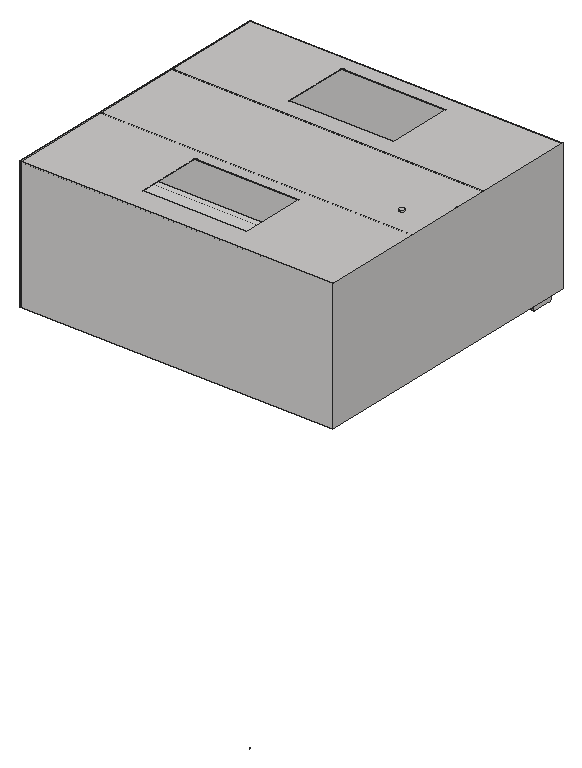
Revit family "QF_ELECTROLUXPROFESSIONAL_641249_STPF1112", category Attrezzature speciali, Revit 2021
Family settings
  Quota connettore circolare = Usa diametro
  Tipo di parte = Normale
  Basato su piano di lavoro = No
  Sempre verticale = Sì
  Taglio con vuoti quando caricato = No
  Condiviso = No
  Punto di calcolo locali = No
Parameters (values of type "Standard")
  Weight = 90.00 kg
  Watts = 120 W
  Volts = 220 V
  URL Manufacturer = "https://www.electroluxprofessional.com/"
  URL = "https://www.electroluxprofessional.com/"
  Steam Supply Size = 0 mm
  Steam Supply Minimum Pressure = 0.0 Pa
  Steam Supply Maximum Pressure = 0.0 Pa
  Steam Consumption per Hour = 0
  Refrigeration Suction Line Size = 0 mm
  Refrigeration Liquid Line Size = 0 mm
  Refrigerant Compressor Remote = yes
  Prospetto di default = 0 mm
  Produttore = "Electrolux Professional"
  Phase = 1
  Modello = "STPF1112"
  Length Actual = 1200 mm  # constant formula
  Item Number = "641249"
  Hot Water Size = 0 mm
  Height Actual = 500 mm  # constant formula
  HP = "0.2 HP"
  Gas Size = 0 mm
  Gas KW = 0
  Gas Input Pressure = 0 W
  Direct Waste Size = 0 mm
  Descrizione = "304 S/S WALL HOOD+FILTER+LAMPS 1200X1100"
  Depth Actual = 1100 mm  # constant formula
  Cycle = 50 Hz
  Condensate Return Size = 0 mm
  Compressed Air Volume = 0.0 L/s
  Compressed Air Size = 0 mm
  Compressed Air Pressure = 0.0 Pa
  Cold Water Size = 0 mm
  Accessory = yes
Reference planes
  plane 1: z = 0
  plane 2 "Center (Left/Right)": x = 150
  plane 3 "LEFT": x = -450
  plane 4 "RIGHT": x = 750
  plane 5 "BACK": y = 550
  plane 6 "TOP": z = 2500
  plane 7 "Base": z = 2000
  plane 8: z = 1955
  plane 9 "DrainY": y = 490
  plane 10: x = -447
  plane 11 "DrainX": x = 630
  plane 12 "AOLeft2": x = 350
  plane 13: x = 747
  plane 14: x = -250
  plane 15: x = 550
  plane 16 "Center (Front/Back)": y = -100
  plane 17 "Front": y = -550
  plane 18 "AOLeft1": x = -50
  plane 19: y = -464
  plane 20: y = -214
  plane 21: y = 240
  plane 22: y = 490
  plane 23 "EI_y": y = -70
  plane 24 "EIx": x = 630
Forms (mm)
  Extrusion 1, solid, material "QF_Finishes_Stainless Steel"
    sketch origin (-450, 0, 360) x (0, 1, 0) y (0, 0, 1)
      loop
        line (550, 1640) -> (550, 2140) -> (-550, 2140) -> (-550, 1640) -> (550, 1640)
    from 0 to 3
  Extrusion 2, solid, material "QF_Finishes_Stainless Steel"
    sketch origin (750, 0, 360) x (0, 1, 0) y (0, 0, 1)
      loop
        line (550, 1640) -> (550, 2140) -> (-550, 2140) -> (-550, 1640) -> (550, 1640)
    from 0 to -3
  Extrusion 3, solid, material "QF_Finishes_Stainless Steel"
    sketch origin (150, 0, 360) x (0, 1, 0) y (0, 0, 1)
      loop
        line (-550, 2140) -> (-550, 1640) -> (-540, 1640) -> (-540, 1640.8) -> (-549.2, 1640.8) -> (-549.2, 2139.19) -> (549.2, 2139.19) -> (549.2, 1640.8) -> (540, 1640.8) -> (540, 1640) -> (550, 1640) -> (550, 2140) -> (-550, 2140)
    from -600 to 600
  Extrusion 4, solid, material "QF_Finishes_Stainless Steel"
    sketch origin (0, 0, 2000) x (0, 1, 0) y (-1, 0, 0)
      loop
        circle (490, -630) r 4.763
    from -30 to 0
  Extrusion 5, void
    sketch origin (0, 0, 2500) x (0, 1, 0) y (-1, 0, 0)
      loop
        line (-214, -350) -> (-214, 50) -> (-464, 50) -> (-464, -350) -> (-214, -350)
    from 0 to -10
  Extrusion 6, solid, material "QF_Finishes_Stainless Steel"
    sketch origin (0, 0, 0) x (1, 0, 0) y (0, 1, 0)
      loop
        line (-450, 550) -> (-450, 549) -> (-449, 549) -> (-449, 550) -> (-450, 550)
    from 0 to 1
  Extrusion 7, solid, material "QF_LAMPS"
    sketch origin (150, 0, 360) x (0, 1, 0) y (0, 0, 1)
      loop
        line (-172.823, 1962.324) -> (-18.948, 2086.929) -> (-27.129, 2097.032) -> (-181.003, 1972.426) -> (-172.823, 1962.324)
    from 597 to -597
  Sweep 8, solid, material "QF_Finishes_Stainless Steel"
    path origin (0, 0, 0) x (1, 0, 0) y (0, 1, 0)
      loop
        line (750, 550) -> (-450, 550) -> (-450, -550) -> (750, -550) -> (750, 550)
    profile origin (750, 0, 0) x (1, 0, 0) y (0, 0, 1)
      loop
        line (-3, 2000) -> (-3, 2000.8) -> (-19, 2000.8) -> (-19, 2010) -> (-20, 2010) -> (-20, 2000) -> (-3, 2000)
  Extrusion 9, solid, material "QF_Finishes_Stainless Steel"
    sketch origin (150, 0, 0) x (0, 1, 0) y (0, 0, 1)
      loop
        line (414.66, 2095.469) -> (440.643, 2110.471) -> (261.744, 2411.771) -> (235.948, 2396.455) -> (414.66, 2095.469)
    from -597 to -400
  Extrusion 10, solid, material "QF_Finishes_Stainless Steel"
    sketch origin (630, 0, 0) x (0, 1, 0) y (0, 0, 1)
      loop
        line (539, 2000) -> (441, 2000) -> (441, 1989) -> (448.5, 1989) -> (448.5, 1965)
        arc (448.5, 1965) -> (451.429, 1957.929) -> (458.5, 1955) r 10
        line (458.5, 1955) -> (521.5, 1955)
        arc (521.5, 1955) -> (528.571, 1957.929) -> (531.5, 1965) r 10
        line (531.5, 1965) -> (531.5, 1989) -> (539, 1989) -> (539, 2000)
    from 90 to -90
  Extrusion 11, solid, material "QF_Finishes_Stainless Steel"
    sketch origin (150, 0, 0) x (0, 1, 0) y (0, 0, 1)
      loop
        line (414.66, 2095.469) -> (440.643, 2110.471) -> (261.744, 2411.771) -> (235.948, 2396.455) -> (414.66, 2095.469)
    from 400 to 597
  Extrusion 12, solid, material "QF_Finished_Chrome"
    sketch origin (150, 0, 0) x (0, 1, 0) y (0, 0, 1)
      loop
        line (414.66, 2095.469) -> (440.643, 2110.471) -> (261.744, 2411.771) -> (235.948, 2396.455) -> (414.66, 2095.469)
    from -400 to 400
  Extrusion 13, void
    sketch origin (0, 1180, 2500) x (0, 1, 0) y (-1, 0, 0)
      loop
        line (-690, -350) -> (-690, 50) -> (-940, 50) -> (-940, -350) -> (-690, -350)
    from 0 to -10
  Extrusion 14, solid, material "QF_Finishes_Stainless Steel"
    sketch origin (0, 0, 2500) x (0, 1, 0) y (-1, 0, 0)
      loop
        circle (-70, -630) r 10
    from 0 to 1.6
  Extrusion 15, solid, material "QF_Finishes_Stainless Steel"
    sketch origin (150, 0, 360) x (0, 1, 0) y (0, 0, 1)
      loop
        line (430.005, 1640) -> (540, 1640) -> (540, 1640.8) -> (430.467, 1640.8) -> (371.906, 1742.23) -> (414.858, 1734.657) -> (442.266, 1750.481) -> (442.266, 1765.943) -> (441.466, 1765.943) -> (441.466, 1750.943) -> (414.709, 1735.495) -> (321.153, 1751.991) -> (320.875, 1750.416) -> (371.4, 1741.507) -> (430.005, 1640)
      loop
        line (172.529, 2139.19) -> (242.893, 2017.316) -> (245.133, 2018.715) -> (240.13, 2027.381) -> (238.569, 2026.405) -> (173.453, 2139.19) -> (172.529, 2139.19)
    from -597 to 597
  Extrusion 16, solid, material "QF_Finishes_Stainless Steel"
    sketch origin (150, 200.8, 360) x (0, 1, 0) y (0, 0, 1)
      loop
        line (-750, 2139.19) -> (-750, 1640) -> (-686.602, 1640) -> (-599.146, 1690.493) -> (-610.058, 1709.394) -> (-666.564, 1676.77) -> (-714.704, 1680.982) -> (-749.2, 1730.248) -> (-749.2, 2139.19) -> (-750, 2139.19)
      loop
        line (-373.6, 1961.694) -> (-381.937, 1971.99) -> (-369.095, 1982.182) -> (-369.095, 2139.19) -> (-369.895, 2139.19) -> (-369.895, 1982.569) -> (-682.298, 1734.63) -> (-671.091, 1720.79) -> (-373.6, 1961.694)
      loop
        line (-227.61, 2099.216) -> (-218.171, 2087.559) -> (-154.411, 2139.19) -> (-155.682, 2139.19) -> (-218.052, 2088.684) -> (-226.989, 2099.719) -> (-227.61, 2099.216)
    from -597 to 597
  Extrusion 17, solid, material "QF_Finishes_Stainless Steel"
    sketch origin (0, 0, 2500) x (0, 1, 0) y (-1, 0, 0)
      loop
        circle (-70, -630) r 10
    from 0 to 1.6
Cuts and joins
  Extrusion 5, Extrusion 13 cuts Extrusion 3
  joined: Extrusion 2, Extrusion 3, Sweep 8
Lines and regions (mm)
  symbolic lines, style "SpecialityEquipment", detail levels coarse
    curve 1: line (750, 550, 2500) -> (-450, 550, 2500)
    curve 2: line (-450, 550, 2500) -> (-450, -550, 2500)
    curve 3: line (750, -550, 2500) -> (750, 550, 2500)
    curve 4: line (-450, 550, 0) -> (750, -550, 0)
    curve 5: line (750, 550, 0) -> (-450, -550, 0)
    curve 6: line (-450, -550, 0) -> (750, -550, 0)
  symbolic lines, detail levels coarse
    curve 7: line (-50, 240, 2500) -> (350, 240, 2500)
    curve 8: line (-50, 490, 2500) -> (-50, 240, 2500)
    curve 9: line (350, 490, 2500) -> (-50, 490, 2500)
    curve 10: line (350, 240, 2500) -> (350, 490, 2500)
    curve 11: line (-50, -214, 2500) -> (350, -214, 2500)
    curve 12: line (-50, -464, 2500) -> (-50, -214, 2500)
    curve 13: line (350, -464, 2500) -> (-50, -464, 2500)
    curve 14: line (350, -214, 2500) -> (350, -464, 2500)
Dimensions and locks
  plane 3 "LEFT" to plane 4 "RIGHT" = 1200 mm
  equal spacing: plane 3 "LEFT", plane 2 "Center (Left/Right)", plane 4 "RIGHT"
  plane 7 "Base" to plane 8 = 45 mm
  plane 5 "BACK" to plane 9 "DrainY" = 60 mm  (x2)
  plane 3 "LEFT" to plane 10 = 3 mm
  plane 11 "DrainX" to plane 4 "RIGHT" = 120 mm
  plane 13 to plane 4 "RIGHT" = 3 mm
  plane 3 "LEFT" to plane 14 = 200 mm
  plane 15 to plane 4 "RIGHT" = 200 mm
  locked: plane 7 "Base" to level at 2000
  locked: plane 6 "TOP" to plane 7 "Base" at 500
  locked: plane 20 to plane 19 at 250
  locked: plane 19 to plane 17 "Front" at 86
  locked: plane 22 to plane 21 at 250
  locked: plane 5 "BACK" to plane 22 at 60
  locked: plane 23 "EI_y" to plane 17 "Front" at 480
  locked: plane 24 "EIx" to plane 4 "RIGHT" at 120
  locked: plane 18 "AOLeft1" to plane 12 "AOLeft2" at 400
  equal spacing: plane 18 "AOLeft1", plane 2 "Center (Left/Right)", plane 12 "AOLeft2"
  locked: plane 5 "BACK" to plane 17 "Front" at 1100
  plane 5 "BACK" to plane 17 "Front" = 1100 mm
  aligned and locked: level to plane 1
  aligned and locked: plane 4 "RIGHT" to Extrusion 3
  aligned and locked: Extrusion 3 to plane 3 "LEFT"
  aligned and locked: Extrusion 2 to plane 13
  aligned and locked: Extrusion 9 to plane 10
  aligned and locked: Extrusion 5 to plane 18 "AOLeft1"
  aligned and locked: Extrusion 5 to plane 12 "AOLeft2"
  aligned and locked: plane 14 to Extrusion 9
  aligned and locked: plane 15 to Extrusion 11
  aligned and locked: plane 13 to Extrusion 11
  aligned and locked: Extrusion 12 to plane 14
  aligned and locked: Extrusion 12 to plane 15
  aligned and locked: plane 13 to Extrusion 7
  aligned and locked: Extrusion 7 to plane 10
  aligned and locked: Extrusion 13 to plane 21
  aligned and locked: plane 22 to Extrusion 13
  aligned and locked: Extrusion 13 to plane 18 "AOLeft1"
  aligned and locked: Extrusion 13 to plane 12 "AOLeft2"
  aligned and locked: Extrusion 15 to plane 10
  aligned and locked: plane 13 to Extrusion 15
  aligned and locked: Extrusion 5 to plane 19
  aligned and locked: plane 20 to Extrusion 5
  aligned and locked: Extrusion 16 to Extrusion 1
  aligned and locked: plane 13 to Extrusion 16
Automatic sketch dimensions
  curve 6 to plane 3 "LEFT" = 0 mm
  curve 4 to plane 3 "LEFT" = 0 mm
  curve 5 to plane 4 "RIGHT" = 0 mm
  curve 6 to plane 4 "RIGHT" = 0 mm
  curve 4 to plane 17 "Front" = 0 mm
  curve 4 to plane 5 "BACK" = 0 mm
  curve 5 to plane 5 "BACK" = 0 mm
  Extrusion 1 sketch curve to plane 7 "Base" = 0 mm
  Extrusion 1 sketch curve to plane 17 "Front" = 0 mm
  Extrusion 1 sketch curve to plane 5 "BACK" = 0 mm
  Extrusion 1 sketch curve to plane 6 "TOP" = 0 mm
  Extrusion 2 sketch curve to plane 7 "Base" = 0 mm
  Extrusion 2 sketch curve to plane 17 "Front" = 0 mm
  Extrusion 2 sketch curve to plane 5 "BACK" = 0 mm
  Extrusion 2 sketch curve to plane 6 "TOP" = 0 mm
  Extrusion 3 sketch curve to plane 6 "TOP" = 0 mm
  Extrusion 3 sketch curve to plane 17 "Front" = 0 mm
  Extrusion 3 sketch curve to plane 7 "Base" = 0 mm  (x2)
  Extrusion 3 sketch curve to plane 5 "BACK" = 0 mm
  plane 17 "Front" to Extrusion 3 sketch curve = 0.8 mm
  Extrusion 3 sketch curve to Extrusion 3 sketch curve = 9.2 mm
  plane 7 "Base" to Extrusion 3 sketch curve = 0.8 mm  (x2)
  Extrusion 3 sketch curve to plane 5 "BACK" = 10 mm
  Extrusion 3 sketch curve to plane 5 "BACK" = 0.8 mm
  Extrusion 3 sketch curve to plane 6 "TOP" = 0.81 mm
  Extrusion 4 sketch curve to plane 9 "DrainY" = 0 mm
  Extrusion 4 sketch curve to plane 11 "DrainX" = 0 mm
  Extrusion 5 sketch curve to plane 12 "AOLeft2" = 0 mm
  Extrusion 5 sketch curve to plane 18 "AOLeft1" = 0 mm
  plane 19 to Extrusion 5 sketch curve = 0 mm
  Extrusion 5 sketch curve to plane 23 "EI_y" = 144 mm
  Extrusion 6 sketch curve to plane 3 "LEFT" = 0 mm
  Extrusion 6 sketch curve to plane 5 "BACK" = 0 mm
  plane 3 "LEFT" to Extrusion 6 sketch curve = 1 mm
  Extrusion 6 sketch curve to Extrusion 6 sketch curve = 1 mm
  plane 20 to Extrusion 7 sketch curve = 32.997 mm
  Extrusion 7 sketch curve to Extrusion 7 sketch curve = 8.181 mm  (x2)
  plane 23 "EI_y" to Extrusion 7 sketch curve = 42.871 mm
  Extrusion 7 sketch curve to plane 6 "TOP" = 177.676 mm
  Extrusion 7 sketch curve to Extrusion 7 sketch curve = 10.102 mm
  Extrusion 7 sketch curve to plane 6 "TOP" = 53.071 mm
  Extrusion 7 sketch curve to Extrusion 7 sketch curve = 10.103 mm
  Sweep 8 sketch curve to plane 3 "LEFT" = 0 mm
  Sweep 8 sketch curve to plane 4 "RIGHT" = 0 mm
  Sweep 8 sketch curve to plane 17 "Front" = 0 mm
  Sweep 8 sketch curve to plane 5 "BACK" = 0 mm
  profile plane to Sweep 8 sketch curve = 20 mm
  Sweep 8 sketch curve to Sweep 8 sketch curve = 1 mm
  profile plane to Sweep 8 sketch curve = 3 mm
  level to Sweep 8 sketch curve = 2000 mm
  Sweep 8 sketch curve to Sweep 8 sketch curve = 0.8 mm
  Sweep 8 sketch curve to Sweep 8 sketch curve = 9.2 mm
  Extrusion 9 sketch curve to plane 21 = 4.052 mm
  plane 21 to Extrusion 9 sketch curve = 21.744 mm
  Extrusion 9 sketch curve to plane 9 "DrainY" = 75.34 mm
  Extrusion 9 sketch curve to Extrusion 9 sketch curve = 25.983 mm
  plane 7 "Base" to Extrusion 9 sketch curve = 95.469 mm
  Extrusion 9 sketch curve to Extrusion 9 sketch curve = 15.001 mm
  Extrusion 9 sketch curve to plane 6 "TOP" = 103.545 mm
  Extrusion 9 sketch curve to Extrusion 9 sketch curve = 15.316 mm
  Extrusion 10 sketch curve to plane 8 = 0 mm
  Extrusion 10 sketch curve to plane 7 "Base" = 11 mm  (x2)
  Extrusion 10 sketch curve to plane 9 "DrainY" = 49 mm
  Extrusion 10 sketch curve to Extrusion 10 sketch curve = 7.5 mm  (x2)
  Extrusion 10 sketch curve to Extrusion 10 sketch curve = 10 mm
  Extrusion 10 sketch curve to plane 5 "BACK" = 28.5 mm
  Extrusion 10 sketch curve to plane 5 "BACK" = 18.5 mm
  plane 7 "Base" to Extrusion 10 sketch curve = 0 mm
  Extrusion 11 sketch curve to plane 21 = 4.052 mm
  plane 21 to Extrusion 11 sketch curve = 21.744 mm
  Extrusion 11 sketch curve to plane 9 "DrainY" = 75.34 mm
  Extrusion 11 sketch curve to Extrusion 11 sketch curve = 25.983 mm
  plane 7 "Base" to Extrusion 11 sketch curve = 95.469 mm
  Extrusion 11 sketch curve to Extrusion 11 sketch curve = 15.001 mm
  Extrusion 11 sketch curve to plane 6 "TOP" = 103.545 mm
  Extrusion 11 sketch curve to Extrusion 11 sketch curve = 15.316 mm
  Extrusion 12 sketch curve to plane 21 = 4.052 mm
  plane 21 to Extrusion 12 sketch curve = 21.744 mm
  Extrusion 12 sketch curve to plane 9 "DrainY" = 75.34 mm
  Extrusion 12 sketch curve to Extrusion 12 sketch curve = 25.983 mm
  plane 7 "Base" to Extrusion 12 sketch curve = 95.469 mm
  Extrusion 12 sketch curve to Extrusion 12 sketch curve = 15.001 mm
  Extrusion 12 sketch curve to plane 6 "TOP" = 103.545 mm
  Extrusion 12 sketch curve to Extrusion 12 sketch curve = 15.316 mm
  Extrusion 13 sketch curve to plane 12 "AOLeft2" = 0 mm
  Extrusion 13 sketch curve to plane 21 = 0 mm
  Extrusion 13 sketch curve to plane 9 "DrainY" = 0 mm
  Extrusion 13 sketch curve to plane 18 "AOLeft1" = 0 mm
  Extrusion 14 sketch curve to plane 23 "EI_y" = 0 mm
  Extrusion 14 sketch curve to plane 24 "EIx" = 0 mm
  Extrusion 15 sketch curve to plane 7 "Base" = 0 mm
  Extrusion 15 sketch curve to plane 6 "TOP" = 0.81 mm
  Extrusion 15 sketch curve to plane 21 = 67.471 mm
  Extrusion 15 sketch curve to Extrusion 15 sketch curve = 0.924 mm
  Extrusion 15 sketch curve to plane 21 = 1.431 mm
  plane 21 to Extrusion 15 sketch curve = 0.13 mm
  plane 21 to Extrusion 15 sketch curve = 2.893 mm
  Extrusion 15 sketch curve to Extrusion 15 sketch curve = 2.24 mm
  plane 21 to Extrusion 15 sketch curve = 80.875 mm
  Extrusion 15 sketch curve to Extrusion 15 sketch curve = 0.278 mm
  Extrusion 15 sketch curve to Extrusion 15 sketch curve = 50.525 mm
  Extrusion 15 sketch curve to Extrusion 15 sketch curve = 0.506 mm
  Extrusion 15 sketch curve to Extrusion 15 sketch curve = 42.803 mm
  Extrusion 15 sketch curve to Extrusion 15 sketch curve = 0.148 mm
  Extrusion 15 sketch curve to plane 9 "DrainY" = 59.995 mm
  plane 7 "Base" to Extrusion 15 sketch curve = 0.8 mm
  Extrusion 15 sketch curve to Extrusion 15 sketch curve = 0.462 mm  (x2)
  Extrusion 15 sketch curve to Extrusion 15 sketch curve = 109.533 mm
  Extrusion 15 sketch curve to Extrusion 15 sketch curve = 26.757 mm
  Extrusion 15 sketch curve to Extrusion 15 sketch curve = 0.8 mm
  plane 7 "Base" to Extrusion 15 sketch curve = 94.657 mm
  Extrusion 15 sketch curve to Extrusion 15 sketch curve = 0.838 mm
  Extrusion 15 sketch curve to Extrusion 15 sketch curve = 6.012 mm
  Extrusion 15 sketch curve to Extrusion 15 sketch curve = 0.723 mm
  Extrusion 15 sketch curve to Extrusion 15 sketch curve = 14.986 mm
  Extrusion 15 sketch curve to Extrusion 15 sketch curve = 15 mm
  Extrusion 15 sketch curve to plane 6 "TOP" = 122.684 mm
  Extrusion 15 sketch curve to Extrusion 15 sketch curve = 1.399 mm
  Extrusion 15 sketch curve to Extrusion 15 sketch curve = 9.089 mm
  Extrusion 15 sketch curve to Extrusion 15 sketch curve = 0.975 mm
  Extrusion 16 sketch curve to plane 7 "Base" = 0 mm
  Extrusion 16 sketch curve to Extrusion 16 sketch curve = 0.8 mm  (x2)
  plane 7 "Base" to Extrusion 16 sketch curve = 40.982 mm
  Extrusion 16 sketch curve to Extrusion 16 sketch curve = 35.296 mm
  Extrusion 16 sketch curve to Extrusion 16 sketch curve = 28.102 mm
  plane 7 "Base" to Extrusion 16 sketch curve = 94.63 mm
  Extrusion 16 sketch curve to Extrusion 16 sketch curve = 32.405 mm
  plane 7 "Base" to Extrusion 16 sketch curve = 80.79 mm
  Extrusion 16 sketch curve to Extrusion 16 sketch curve = 11.207 mm
  plane 7 "Base" to Extrusion 16 sketch curve = 36.77 mm
  Extrusion 16 sketch curve to Extrusion 16 sketch curve = 20.038 mm
  plane 7 "Base" to Extrusion 16 sketch curve = 69.394 mm
  Extrusion 16 sketch curve to Extrusion 16 sketch curve = 61.033 mm
  plane 7 "Base" to Extrusion 16 sketch curve = 50.493 mm
  Extrusion 16 sketch curve to Extrusion 16 sketch curve = 10.912 mm
  Extrusion 16 sketch curve to plane 6 "TOP" = 168.01 mm
  Extrusion 16 sketch curve to Extrusion 16 sketch curve = 228.121 mm
  Extrusion 16 sketch curve to plane 6 "TOP" = 178.306 mm
  Extrusion 16 sketch curve to Extrusion 16 sketch curve = 8.337 mm
  Extrusion 16 sketch curve to plane 6 "TOP" = 157.431 mm
  Extrusion 16 sketch curve to Extrusion 16 sketch curve = 12.042 mm
  Extrusion 16 sketch curve to plane 6 "TOP" = 157.818 mm
  Extrusion 16 sketch curve to plane 6 "TOP" = 40.784 mm
  Extrusion 16 sketch curve to Extrusion 16 sketch curve = 141.485 mm
  Extrusion 16 sketch curve to plane 6 "TOP" = 40.281 mm
  Extrusion 16 sketch curve to Extrusion 16 sketch curve = 0.622 mm
  Extrusion 16 sketch curve to plane 6 "TOP" = 52.441 mm
  Extrusion 16 sketch curve to plane 6 "TOP" = 51.316 mm
  Extrusion 16 sketch curve to plane 6 "TOP" = 0.81 mm  (x3)
  Extrusion 16 sketch curve to Extrusion 16 sketch curve = 62.37 mm
  Extrusion 16 sketch curve to Extrusion 16 sketch curve = 1.271 mm
  Extrusion 16 sketch curve to Extrusion 16 sketch curve = 49.266 mm
  Extrusion 17 sketch curve to plane 23 "EI_y" = 0 mm
  Extrusion 17 sketch curve to plane 24 "EIx" = 0 mm
  plane 17 "Front" to Extrusion 16 sketch curve = 0.8 mm
  curve 2 to plane 3 "LEFT" = 0 mm
  curve 2 to plane 17 "Front" = 0 mm
  curve 3 to plane 4 "RIGHT" = 0 mm
  curve 3 to plane 17 "Front" = 0 mm
  curve 13 to plane 18 "AOLeft1" = 0 mm
  curve 13 to plane 19 = 0 mm
  curve 14 to plane 12 "AOLeft2" = 0 mm
  curve 14 to plane 20 = 0 mm
  curve 7 to plane 18 "AOLeft1" = 0 mm
  curve 7 to plane 21 = 0 mm
  curve 8 to plane 9 "DrainY" = 0 mm
  curve 2 to plane 5 "BACK" = 0 mm
  curve 10 to plane 12 "AOLeft2" = 0 mm
  radius of Extrusion 4 sketch curve = 4.763 mm
  radius of Extrusion 14 sketch curve = 10 mm
  radius of Extrusion 17 sketch curve = 10 mm
Connectors
  piping at (630, 490, 1970), diameter 9.5
    settings: on Extrusion 4, index 1, connector inside diameter 609.6 mm, connector length 0 mm, flow factor 0, pipe flow 0.0 L/s, pressure drop 0.0 Pa, fitting loss kfactor 0, connector angle 0.00°, fixture units 0, engagement length 0 mm, angle of deflection 0.00°, flow configuration 1, flow direction 2, fitting loss method 0, system type 16, joint type 0, gender type 0, connector reference index -1, connector utility 0, adjustable connector no, is connector primary yes, connector description "Drain"
  hvac at (150, -339, 2500)
    settings: on Extrusion 5, index 2, duct flow 0.0 L/s, flow factor 0, pres drop 0.0 Pa, loss coef 0, conn angle 0.00°, conn width 250 mm, conn height 400 mm, conn diameter 609.6 mm, duct sys type 1, conn prof type 1, flow config 1, flow direction 1, loss method 0, conn ref index -1, conn util no, is conn primary yes, conn desc "AIR INLET"
  hvac at (150, 365, 2500)
    settings: on Extrusion 13, index 4, duct flow 0.0 L/s, flow factor 0, pres drop 0.0 Pa, loss coef 0, conn angle 0.00°, conn width 250 mm, conn height 400 mm, conn diameter 609.6 mm, duct sys type 3, conn prof type 1, flow config 1, flow direction 2, loss method 0, conn ref index -1, conn util no, is conn primary no, conn desc "EXHAUST OUTLET"
  electrical at (630, -70, 2501.6), driven by "Volts"
    settings: on Extrusion 14, index 6, voltage 220 V, apparent load 0 VA, apparent load phase1 0 VA, apparent load phase2 0 VA, apparent load phase3 0 VA, power factor 1, load classification "Other", number of poles 1, system type 30, power factor state 1, is connector primary yes, connector utility no, sub classification motor no, connector description "Electrical Connection"
  electrical at (630, -70, 2501.6)
    settings: on Extrusion 17, index 12, voltage 0 V, apparent load 0 VA, apparent load phase1 0 VA, apparent load phase2 0 VA, apparent load phase3 0 VA, power factor 1, load classification "Other", number of poles 1, system type 30, power factor state 1, is connector primary no, connector utility no, sub classification motor no, connector description ""
